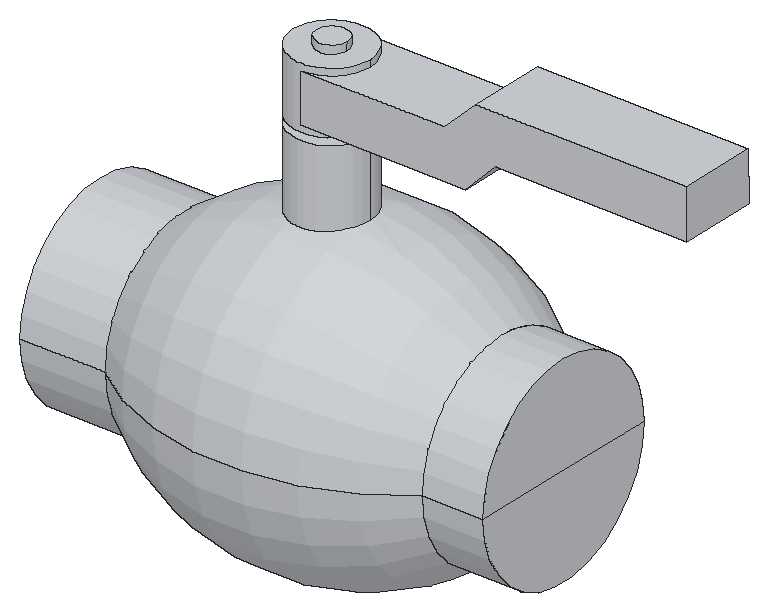
Revit family "Válvula Bola Compacta - 20-60 mm", category Acessórios do tubo, Revit 2019
Family settings
  Cota do conector redondo = Usar raio
  Tipo de parte = Válvula - Quebra entre
  ID de item do Seek = Ball Valve - 50-150 mm-0000-CAN-ENU
  Com base no plano de trabalho = Não
  Sempre na vertical = Sim
  Corte com vazios quando carregada = Não
  Compartilhado = Não
Parameters (values of type "20 mm")
  Material da válvula = none
  Raio do tronco = Diâmetro nominal / 10  # 2.00 mm
  Altura do tronco = Diâmetro nominal / 2  # 10.00 mm
  Comprimento do lacre = Diâmetro nominal  # 20.00 mm
  Raio = Diâmetro nominal * 1.5  # 30.00 mm
  Raio da porca = Diâmetro nominal / 4  # 5.00 mm
  Diâmetro da porca = Diâmetro nominal / 4  # 5.00 mm
  Raio nominal = 10 mm
  Diâmetro nominal = Raio nominal * 2  # 20 mm
  Método de perda = Coeficiente K
  Comprimento 1 = Diâmetro nominal * 2  # 40.00 mm
  K Coefficient = 0.34
  Largura do puxador = Diâmetro nominal / 2  # 10.00 mm
  Comprimento do puxador = Diâmetro nominal * 2.5  # 50.00 mm
  Altura de meia porca = Diâmetro nominal * 0.2  # 4.00 mm
  Raio do corpo = Raio nominal + 3.00 mm  # 13.00 mm
  Comprimento do corpo = Diâmetro nominal * 4  # 80.00 mm
  Altura do corpo = Diâmetro nominal * 1.5  # 30.00 mm
  Diâmetro do corpo = Diâmetro nominal * 1.2  # 24.00 mm
  Raio do adaptador = Diâmetro nominal  # 20.00 mm
  Comprimento do adaptador = Diâmetro nominal / 2  # 10.00 mm
  Diâmetro do adaptador = Diâmetro nominal * 1.6  # 32.00 mm
Types (7, lengths in mm): name | Raio do tronco | Altura do tronco | Comprimento do lacre | Raio | Raio da porca | Diâmetro da porca | Raio nominal | Diâmetro nominal | Comprimento 1 | K Coefficient | Largura do puxador | Comprimento do puxador | Altura de meia porca | Raio do corpo | Comprimento do corpo | Altura do corpo | Diâmetro do corpo | Raio do adaptador | Comprimento do adaptador | Diâmetro do adaptador
  (no name) | 2.00 | 10.00 | 20.00 | 30.00 | 5.00 | 5.00 | 10 | 20 | 40.00 | 0.34 | 10.00 | 50.00 | 4.00 | 13.00 | 80.00 | 30.00 | 24.00 | 20.00 | 10.00 | 32.00
  60 mm | 6.00 | 30.00 | 60.00 | 90.00 | 15.00 | 15.00 | 30 | 60 | 120.00 | 0.24 | 30.00 | 150.00 | 12.00 | 33.00 | 240.00 | 90.00 | 72.00 | 60.00 | 30.00 | 96.00
  50 mm | 5.00 | 25.00 | 50.00 | 75.00 | 12.50 | 12.50 | 25 | 50 | 100.00 | 0.27 | 25.00 | 125.00 | 10.00 | 28.00 | 200.00 | 75.00 | 60.00 | 50.00 | 25.00 | 80.00
  40 mm | 4.00 | 20.00 | 40.00 | 60.00 | 10.00 | 10.00 | 20 | 40 | 80.00 | 0.29 | 20.00 | 100.00 | 8.00 | 23.00 | 160.00 | 60.00 | 48.00 | 40.00 | 20.00 | 64.00
  32 mm | 3.20 | 16.00 | 32.00 | 48.00 | 8.00 | 8.00 | 16 | 32 | 64.00 | 0.3 | 16.00 | 80.00 | 6.40 | 19.00 | 128.00 | 48.00 | 38.40 | 32.00 | 16.00 | 51.20
  25 mm | 2.50 | 12.50 | 25.00 | 37.50 | 6.25 | 6.25 | 12.5 | 25 | 50.00 | 0.32 | 12.50 | 62.50 | 5.00 | 15.50 | 100.00 | 37.50 | 30.00 | 25.00 | 12.50 | 40.00
  20 mm | 2.00 | 10.00 | 20.00 | 30.00 | 5.00 | 5.00 | 10 | 20 | 40.00 | 0.34 | 10.00 | 50.00 | 4.00 | 13.00 | 80.00 | 30.00 | 24.00 | 20.00 | 10.00 | 32.00
Reference planes
  plane 1 "Centro (Frente/Trás)": y = 0
  plane 2: z = 0
  plane 3 "Centro (Esquerda/Direita)": x = 0
  plane 4: x = -40
  plane 5: x = 40
  plane 6: x = 50
  plane 7: y = 20
  plane 8: y = -20
  plane 9: x = -30
  plane 10: x = 30
  plane 11: x = 20
  plane 12: x = -20
  plane 13: y = 13
  plane 14: y = -13
  plane 15: z = 30
  plane 16: z = 40
  plane 17: z = 35
  plane 18: z = 39
  plane 19: z = 31
  plane 20: y = -5
  plane 21: y = 5
  plane 22: y = 40
Forms (mm)
  Revolve 1, solid, material <- "Material da válvula", detail levels fine
    sketch origin (0, 0, 0) x (1, 0, 0) y (0, 1, 0)
      loop
        line (-30, 0) -> (30, 0) -> (30, 13) -> (22.047, 13)
        arc (22.047, 13) -> (1.496, 20.543) -> (-19.054, 13) r 31.766
        line (-19.054, 13) -> (-30, 13) -> (-30, 0)
      axis (-30, 0) -> (30, 0)
    angle from 0 to 360
  Extrusion 2, solid, material <- "Material da válvula", detail levels fine
    sketch origin (0, 0, 0) x (1, 0, 0) y (0, 1, 0)
      loop
        circle (0, 0) r 5
    from 0 to 30
  Extrusion 3, solid, material <- "Material da válvula", detail levels fine
    sketch origin (0, 0, 0) x (1, 0, 0) y (0, 1, 0)
      loop
        circle (0, 0) r 2
    from 0 to 40
  Extrusion 4, solid, material <- "Material da válvula", detail levels fine
    sketch origin (0, 0, 0) x (1, 0, 0) y (0, 1, 0)
      loop
        circle (0, 0) r 5
    from 31 to 39
  Sweep 5, solid, material <- "Material da válvula", detail levels fine
    path in 3D
      loop
        line (0, 0, 35) -> (20, 0, 35) -> (24, 0, 39) -> (50, 0, 39)
    profile origin (10, 0, 35) x (0, 0, 1) y (0, -1, 0)
      loop
        line (3.175, 5) -> (-3.175, 5) -> (-3.175, -5) -> (3.175, -5) -> (3.175, 5)
Cuts and joins
  joined: Revolve 1, Extrusion 2, Extrusion 3, Extrusion 4, Sweep 5
Lines and regions (mm)
  reference lines
    curve 1: line (0, 0, 35) -> (20, 0, 35)
    curve 2: line (20, 0, 35) -> (24, 0, 39)
    curve 3: line (24, 0, 39) -> (50, 0, 39)
  sketch lines
    curve 4: line (0, 0, 35) -> (20, 0, 35)
    curve 5: line (20, 0, 35) -> (24, 0, 39)
    curve 6: line (24, 0, 39) -> (50, 0, 39)
  model lines, detail levels coarse+medium
    curve 7: circle (0, 0, 0) r 20 normal (0, 0, 1)
    curve 8: line (0, 20, 0) -> (0, 40, 0)
    curve 9: line (0, 40, 0) -> (50, 40, 0)
    curve 10: line (-30, 20, 0) -> (-30, -20, 0)
    curve 11: line (30, 20, 0) -> (30, -20, 0)
Dimensions and locks
  equal spacing: plane 4, plane 3 "Centro (Esquerda/Direita)", plane 5
  "Comprimento do corpo": plane 4 to plane 5
  "Comprimento do puxador": plane 3 "Centro (Esquerda/Direita)" to plane 6
  "Raio do adaptador": plane 7 to plane 1 "Centro (Frente/Trás)"
  equal spacing: plane 7, plane 1 "Centro (Frente/Trás)", plane 8
  "Comprimento do adaptador": plane 4 to plane 9
  "Comprimento do adaptador": plane 10 to plane 5
  "Comprimento do lacre": plane 11 to plane 5
  "Comprimento do lacre": plane 4 to plane 12
  "Raio do corpo": plane 13 to plane 1 "Centro (Frente/Trás)"
  equal spacing: plane 13, plane 1 "Centro (Frente/Trás)", plane 14
  "Altura do corpo": plane 15 to plane 2
  "Altura do tronco": plane 16 to plane 15
  equal spacing: plane 16, plane 17, plane 15
  plane 18 to plane 17 to plane 19 = 4.00 mm, 4.00 mm
  equal spacing: plane 18, plane 17, plane 19
  "Altura de meia porca": plane 17 to plane 19
  equal spacing: plane 20, plane 1 "Centro (Frente/Trás)", plane 21
  "Largura do puxador": plane 20 to plane 21
  Sweep 5 sketch curve to Sweep 5 sketch curve = 6.35 mm
  equal spacing: Sweep 5 sketch curve, profile plane, Sweep 5 sketch curve
  "Comprimento 1": plane 22 to plane 1 "Centro (Frente/Trás)"
  "Diâmetro da porca": radius of Extrusion 2 sketch curve
  "Raio do tronco": radius of Extrusion 3 sketch curve
  "Raio da porca": radius of Extrusion 4 sketch curve
  "Comprimento do lacre": radius of curve 7
  locked: plane 17 to curve 2 (angle 45.00°)
  aligned and locked: plane 3 "Centro (Esquerda/Direita)" to Extrusion 2 sketch curve
  aligned and locked: plane 1 "Centro (Frente/Trás)" to Extrusion 2 sketch curve
  aligned and locked: plane 15 to Extrusion 2
  aligned and locked: Extrusion 2 to level
  aligned and locked: plane 16 to Extrusion 3
  aligned and locked: plane 3 "Centro (Esquerda/Direita)" to Extrusion 4 sketch curve
  aligned and locked: plane 1 "Centro (Frente/Trás)" to Extrusion 4 sketch curve
  aligned and locked: Extrusion 4 to plane 19
  aligned and locked: plane 18 to Extrusion 4
  aligned and locked: plane 6 to curve 3
  aligned and locked: plane 11 to curve 2
  aligned and locked: curve 1 to plane 17
  aligned and locked: plane 3 "Centro (Esquerda/Direita)" to curve 1
  aligned and locked: plane 20 to Sweep 5 sketch curve
  aligned and locked: Sweep 5 sketch curve to plane 21
  aligned and locked: plane 3 "Centro (Esquerda/Direita)" to curve 7
  aligned and locked: plane 1 "Centro (Frente/Trás)" to curve 7
  aligned and locked: curve 9 to plane 22
  aligned and locked: plane 6 to curve 9
  aligned and locked: plane 7 to curve 10
  aligned and locked: plane 8 to curve 10
  aligned and locked: plane 7 to curve 11
  aligned and locked: plane 8 to curve 11
  aligned and locked: Revolve 1 sketch curve to Revolve 1 sketch curve
  aligned and locked: plane 1 "Centro (Frente/Trás)" to Revolve 1 sketch curve
  aligned and locked: Revolve 1 sketch curve to plane 10
  aligned and locked: plane 9 to Revolve 1 sketch curve
  aligned and locked: Revolve 1 sketch curve to plane 13  (x2)
  aligned and locked: curve 10 to plane 9
  aligned and locked: curve 11 to plane 10
Automatic sketch dimensions
  Extrusion 3 sketch curve to plane 1 "Centro (Frente/Trás)" = 0.00 mm
  Extrusion 3 sketch curve to plane 3 "Centro (Esquerda/Direita)" = 0.00 mm
  curve 3 to plane 18 = 0.00 mm
  Revolve 1 sketch curve to plane 9 = 0.00 mm
  Revolve 1 sketch curve to plane 10 = 0.00 mm
  plane 12 to Revolve 1 sketch curve = 0.946 mm
  plane 3 "Centro (Esquerda/Direita)" to Revolve 1 sketch curve = 1.496 mm
  Revolve 1 sketch curve to plane 14 = 1.777 mm
  curve 9 to plane 3 "Centro (Esquerda/Direita)" = 0.00 mm
Connectors
  piping at (-30, 0, 0), diameter 20, driven by "Raio nominal"
    settings: on cut or joined group of Revolve 1, Extrusion 2, Extrusion 3, Extrusion 4, Sweep 5, index 1, connector inside diameter 20 mm, connector length 0.00 mm, flow factor 0, pipe flow 0.0 L/s, pressure drop 0.0 Pa, fitting loss kfactor 0, connector angle 0.00°, fixture units 0, engagement length 0.00 mm, angle of deflection 0.00°, flow configuration 0, flow direction 0, fitting loss method 0, system type 29, joint type 0, gender type 0, connector reference index 2, connector utility 0, adjustable connector no, is connector primary yes, connector description ""
  piping at (30, 0, 0), diameter 20, driven by "Raio nominal", driven by "K Coefficient"
    settings: on Revolve 1, index 2, connector inside diameter 20 mm, connector length 0.00 mm, flow factor 0, pipe flow 0.0 L/s, pressure drop 0.0 Pa, fitting loss kfactor 0.34, connector angle 0.00°, fixture units 0, engagement length 0.00 mm, angle of deflection 0.00°, flow configuration 0, flow direction 0, fitting loss method 0, system type 29, joint type 0, gender type 0, connector reference index 1, connector utility 0, adjustable connector no, is connector primary no, connector description ""
